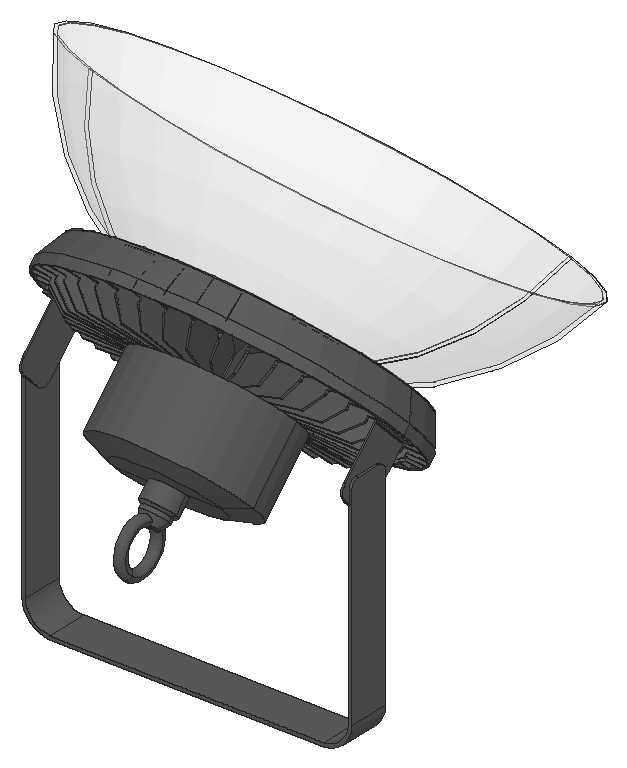
Revit family "0039363+0039354+0039358 Sylvania Lighting Fixture START HighBay IP65 DALI 19000lm 840 MB with BRACKET and PC LAMPSHADE TRANSPARENT 13 19KLM", category Lighting Fixtures, host Face, Revit 2016
Family settings
  Host = Face
  Part Type = Normal
  Round Connector Dimension = Use Diameter
  OmniClass Number = 23.80.70.00
  OmniClass Title = Lighting
  Cut with Voids When Loaded = No
  Light Source = No
  Shared = No
  Room Calculation Point = No
Parameters (values of type "0039363+0039354+0039358  START HighBay IP65 DALI 19000lm 840 MB with BRACKET and PC LAMPSHADE TRANSPARENT 13/19KLM")
  Weight = "3.4 kg"
  Wattage Comments = ""
  WarrantyStartDate [instance] = "n/a"
  WarrantyGuarantorParts = "n/a"
  WarrantyDurationUnit = "n/a"
  WarrantyDurationParts = "n/a"
  WarrantyDescription = "n/a"
  Voltage = 0 V
  URL = "http://www.sylvania-lighting.com"
  TypeName = "START HighBay IP65 DALI 19000lm 840 MB with BRACKET and PC LAMPSHADE TRANSPARENT 13/19KLM"
  TypeHead_FEILO = Start LED Highbay DALI Head : 0039363+0039354+0039358 START HighBay IP65 DALI 19000lm 840 MB with BRACKET and PC LAMPSHADE TRANSPARENT 13/19KLM
  Type Image = <None>
  Type Comments = "n/a"
  TiltAngle_FEILO [instance] = 45.00°
  ThicknessBracketPlate_FEILO = 3 mm
  SizeBracketS_FEILO = no
  SizeBracketM_FEILO = yes
  SerialNumber [instance] = "n/a"
  RadiusBracketTop_FEILO = 7 mm
  RadiusBendOut_FEILO = if(SizeBracketS_FEILO, 18 mm, if(SizeBracketM_FEILO, 24 mm, 28 mm))  # 24 mm
  RadiusBendIn_FEILO = RadiusBendOut_FEILO - ThicknessBracketPlate_FEILO  # 21 mm
  Material_3_FEILO = none
  PowerFactor = 0.95
  PowerConsumption = "150 W"
  NominalLength = 296 mm
  NominalHeight = 172 mm
  NominalDepth = 296 mm
  Name = "START HighBay IP65 DALI 19000lm 840 MB with BRACKET and PC LAMPSHADE TRANSPARENT 13/19KLM"
  ModelReference = Name  # "START HighBay IP65 DALI 19000lm 840 MB with BRACKET and PC LAMPSHADE TRANSPARENT 13/19KLM"
  ModelNumber = "0039363+0039354+0039358"
  Model = Name  # "START HighBay IP65 DALI 19000lm 840 MB with BRACKET and PC LAMPSHADE TRANSPARENT 13/19KLM"
  Material = "aluminium alloy housing, polycarbonate diffuser"
  ManufacturerName = "Feilo Sylvania"
  Manufacturer = "Feilo Sylvania"
  LuminousEfficacy = "130 lm/W"
  LuminaireType = ""
  LightOutputRatio = "n/a"
  LampsType = Lamp  # "LED"
  LampNominalLuminous = "19500 lm"
  LampMacAdamStep = "6"
  LampColourTemperature = "4000 K"
  LampColourRenderingIndex = "80"
  Lamp = "LED"
  Keynote = "16500"
  InstallationDate [instance] = "n/a"
  InputVoltage = "n/a"
  InputNominalFrequency = "50/60 Hz"
  IngressProtection = "IP65"
  ImpactProtectionIndex = "IK08"
  IfcExportType = "IfcLightFixtureType"
  IfcExportAs = "IfcLightFixtureType"
  ExpectedLife = 50000
  EndAngle_FEILO [instance] = TiltAngle_FEILO + 180.00°  # 225.00°
  ElectricShockClassification = "Class I"
  DurationUnit = "hours"
  DocumentationLiterature = "http://www.sylvania-lighting.com/product/en-int/products/0039363"
  DimmingControlOptions = "Dimmable"
  Material_2_FEILO = none
  Description = "START Highbay, includes 1 m cables, black aluminium housing, 19,500 Lm, 150 W, 130 Lm/W, 4000 K, drive current: 3300 mA, CRI 80, 60° beam angle, DALI dimmable, IP65, IK08, 50,000 hrs (L80/B50), (D x H) 296 x 172 mm."
  Default Elevation = 1219.2 mm
  CreatedOn = "5/15/2018"
  CreatedBy = "aron.fodor@sylvania-lighting.com"
  Cost = 0
  built-in parameter 1114216 [instance] = (empty or 0)
  ClassificationValue = "EF_70_80"
  ClassificationName = "Uniclass2015"
  Material_1_FEILO = Body-Sylvania-StartHighbay-Black
  BracketHeight_FEILO = if(SizeBracketS_FEILO, 199.5 mm, if(SizeBracketM_FEILO, 209.6 mm, 201.3 mm))  # 209.6 mm
  BracketDistanceInner_FEILO = if(SizeBracketS_FEILO, 249.4 mm, if(SizeBracketM_FEILO, 273.6 mm, 313.2 mm))  # 273.6 mm
  BarCode [instance] = "n/a"
  AssetType = "Fixed"
  AssetIdentifier [instance] = "n/a"
  Assembly Code = "D5020200"
  Apparent Load = 150 VA
  Material_4_FEILO = none
Reference planes
  plane 1 "Center (Front/Back)": y = 0
  plane 2: z = 0
  plane 3 "Center (Left/Right)": x = 0
  plane 4: x = -139.8
  plane 5: x = 139.8
  plane 6: z = 209.6
  plane 7: x = -136.8
  plane 8: z = 3
  plane 9: x = 136.8
  plane 10: y = 17.5
  plane 11: y = -17.5
  plane 12: y = -19.5
  plane 13: z = 211.6
  plane 14: y = 19.5
  plane 15: z = 200.6
Forms (mm)
  Extrusion 1, solid, material "Body-Sylvania-StartHighbay-Black" <- "Material_1_FEILO"
    sketch origin (0, 0, 0) x (1, 0, 0) y (0, 0, 1)
      loop
        line (-139.8, 209.6) -> (-139.8, 24)
        arc (-139.8, 24) -> (-132.771, 7.029) -> (-115.8, 0) r 24
        line (-115.8, 0) -> (115.8, 0)
        arc (115.8, 0) -> (132.771, 7.029) -> (139.8, 24) r 24
        line (139.8, 24) -> (139.8, 209.6) -> (136.8, 209.6) -> (136.8, 24)
        arc (136.8, 24) -> (130.649, 9.151) -> (115.8, 3) r 21
        line (115.8, 3) -> (-115.8, 3)
        arc (-115.8, 3) -> (-130.649, 9.151) -> (-136.8, 24) r 21
        line (-136.8, 24) -> (-136.8, 209.6) -> (-139.8, 209.6)
    from -17.5 to 17.5
  Extrusion 2, void
    sketch origin (0, 0, 0) x (0, 1, 0) y (0, 0, 1)
      loop
        arc (10.5, 209.6) -> (15.45, 207.55) -> (17.5, 202.6) r 7
        line (17.5, 202.6) -> (19.5, 202.6) -> (19.5, 211.6) -> (-19.5, 211.6) -> (-19.5, 202.6) -> (-17.5, 202.6)
        arc (-17.5, 202.6) -> (-15.45, 207.55) -> (-10.5, 209.6) r 7
        line (-10.5, 209.6) -> (10.5, 209.6)
    from -139.8 to 139.8
  Revolve 3, solid, not visible
    sketch origin (1223.4, -4572, 200.6) x (0, -1, 0) y (1, 0, 0)
      loop
        line (-4572, -1223.4) -> (-4591.5, -1223.4) -> (-4591.5, -1277.783) -> (-4572, -1277.783) -> (-4572, -1223.4)
      axis (-4572, -1223.4) -> (-4572, -1277.783)
    angle from 45 <- "TiltAngle_FEILO" to 225 <- "EndAngle_FEILO"
Cuts and joins
  Extrusion 2 cuts Extrusion 1
Dimensions and locks
  "BracketHeight_FEILO": plane 6 to plane 2
  equal spacing: plane 11, plane 1 "Center (Front/Back)", plane 10
  locked: plane 11 to plane 10 at 35
  equal spacing: plane 9, plane 3 "Center (Left/Right)", plane 7
  "BracketDistanceInner_FEILO": plane 9 to plane 7
  "ThicknessBracketPlate_FEILO": plane 7 to plane 4
  "ThicknessBracketPlate_FEILO": plane 8 to plane 2
  equal spacing: plane 5, plane 3 "Center (Left/Right)", plane 4
  equal spacing: plane 12, plane 1 "Center (Front/Back)", plane 14
  locked: plane 6 to plane 13 at 2
  locked: plane 12 to plane 11 at 2
  locked: plane 6 to plane 15 at 9
  "RadiusBendOut_FEILO": radius of Extrusion 1 sketch curve  (x2)
  "RadiusBendIn_FEILO": radius of Extrusion 1 sketch curve  (x2)
  "RadiusBracketTop_FEILO": radius of Extrusion 2 sketch curve  (x2)
  aligned and locked: plane 2 to host face
  aligned and locked: level to host face
  aligned and locked: Extrusion 1 sketch curve to plane 4
  aligned and locked: Extrusion 1 sketch curve to level
  aligned and locked: plane 6 to Extrusion 1 sketch curve
  aligned and locked: Extrusion 1 sketch curve to plane 6
  aligned and locked: Extrusion 1 sketch curve to plane 7
  aligned and locked: plane 9 to Extrusion 1 sketch curve
  aligned and locked: plane 8 to Extrusion 1 sketch curve
  aligned and locked: Extrusion 1 to plane 10
  aligned and locked: plane 11 to Extrusion 1
  aligned and locked: Extrusion 1 to Extrusion 2 sketch curve
  aligned and locked: plane 14 to Extrusion 2 sketch curve  (x2)
  aligned and locked: Extrusion 2 sketch curve to plane 12
  aligned and locked: plane 13 to Extrusion 2 sketch curve
  aligned and locked: plane 5 to Extrusion 2
  aligned and locked: Extrusion 2 to plane 4
  aligned and locked: Revolve 3 sketch curve to plane 1 "Center (Front/Back)"
  aligned and locked: Revolve 3 sketch curve to Revolve 3 sketch curve
  aligned and locked: plane 3 "Center (Left/Right)" to Revolve 3 sketch curve
  aligned and locked: Revolve 3 sketch curve to plane 14
  aligned and locked: nested 1 to plane 3 "Center (Left/Right)"
Automatic sketch dimensions
  host sketch curve to host sketch curve = 2438.4 mm  (x2)
  Revolve 3 sketch curve to Revolve 3 sketch curve = 54.383 mm
  Revolve 3 sketch curve to plane 4 = 1396.3 mm
  plane 5 to Revolve 3 sketch curve = 1396.3 mm
  Extrusion 1 sketch curve to Extrusion 1 sketch curve = 0 mm
  Extrusion 2 sketch curve to plane 11 = 0 mm
  Extrusion 2 sketch curve to plane 10 = 0 mm
Nested families
  nested 1: "Start LED Highbay DALI Head" at (0, 0, 200.6) x (-1, 0, 0) z (0, 0.7071, 0.7071), type <- "TypeHead_FEILO", type "0039363+0039354+0039358 START HighBay IP65 DALI 19000lm 840 MB with BRACKET and PC LAMPSHADE TRANSPARENT 13/19KLM"
    with built-in parameter 1114216 (empty or 0)
Connectors
  electrical at (0, 0, 0), driven by "Apparent Load", driven by "PowerFactor", driven by "Voltage"
    settings: index 1, voltage 0 V, apparent load 150 VA, apparent load phase1 0 VA, apparent load phase2 0 VA, apparent load phase3 0 VA, power factor 0.95, load classification "Lighting", number of poles 1, system type 30, power factor state 1, is connector primary yes, connector utility no, sub classification motor no, connector description ""
Definition of nested family "Start LED Highbay DALI Head"
  Parameters (values of type "0039367+0039355+0039361 START HighBay IP65 DALI 26000lm 840 WB with BRACKET and PC LAMPSHADE TRANSPARENT FOR 26KLM")
    X_FEILO = if(SizeS_FEILO, 60.3 mm, if(SizeM_FEILO, 70.4 mm, 83.5 mm))  # 83.5 mm
    WidthStraight_FEILO = if(SizeS_FEILO, 3 mm, if(SizeM_FEILO, 4 mm, 4.7 mm))  # 4.7 mm
    WidthRingChamfer_FEILO = if(SizeS_FEILO, 10.3 mm, if(SizeM_FEILO, 11.2 mm, 12.9 mm))  # 12.9 mm
    WidthCurved_FEILO = if(SizeS_FEILO, 17.4 mm, if(SizeM_FEILO, 16.4 mm, 26.2 mm))  # 26.2 mm
    WidthCurvedRing_FEILO = if(SizeS_FEILO, 3 mm, if(SizeM_FEILO, 4 mm, 4.7 mm))  # 4.7 mm
    WidthBracket_FEILO = 40 mm
    Wattage Comments = ""
    Wattage = 190 W
    built-in parameter 1150110 = 1 (stored number, unit not read)
    URL = "http://www.sylvania-lighting.com"
    Type Image = (empty or 0)
    Type Comments = "n/a"
    built-in parameter 1114217 = 1 (stored number, unit not read)
    Tilt Angle = -90.00°
    ThicknessWall_FEILO = 1.5 mm
    ThicknessBracket_FEILO = 1.5 mm
    ThicknessBracketHalf_FEILO = ThicknessBracket_FEILO / 2  # 0.75 mm
    built-in parameter 1150109 = 1 (stored number, unit not read)
    built-in parameter 1150134 = 1
    built-in parameter 1150113 = 1 (stored number, unit not read)
    SizeS_FEILO = no
    SizeM_FEILO = no
    ShadeThickness_FEILO = 3 mm
    ShadeSizeSM_FEILO = or(SizeS_FEILO, SizeM_FEILO)  # no
    ShadeRadiusOut_FEILO = 205 mm
    ShadeRadiusIn_FEILO = if(ShadeSizeSM_FEILO, 95 mm, 121 mm)  # 121 mm
    ShadeRadiusBend_FEILO = if(ShadeSizeSM_FEILO, 210 mm, 210 mm)  # 210 mm
    ShadeOn_FEILO = yes
    ShadeHeight_FEILO = if(ShadeSizeSM_FEILO, 120 mm, 151 mm)  # 151 mm
    Rib4_FEILO = if(SizeS_FEILO, 18.1 mm, if(SizeM_FEILO, 13.6 mm, 14.6 mm))  # 14.6 mm
    Rib3_FEILO = if(SizeS_FEILO, 15.3 mm, if(SizeM_FEILO, 17.6 mm, 20.2 mm))  # 20.2 mm
    Rib2_FEILO = if(SizeS_FEILO, 3.6 mm, if(SizeM_FEILO, 3.9 mm, 4.5 mm))  # 4.5 mm
    Rib1_FEILO = if(SizeS_FEILO, 15.1 mm, if(SizeM_FEILO, 16.5 mm, 19 mm))  # 19 mm
    RadiusDiffuser_FEILO = if(SizeS_FEILO, 95.2 mm, if(SizeM_FEILO, 105.3 mm, 120 mm))  # 120 mm
    RadiusArrayPost_FEILO = DriverRadius_FEILO - 6 mm  # 70.4 mm
    RHRadius3_FEILO = if(SizeS_FEILO, 6.6 mm, if(SizeM_FEILO, 7.4 mm, 8.6 mm))  # 8.6 mm
    RHRadius2_FEILO = if(SizeS_FEILO, 11 mm, if(SizeM_FEILO, 12 mm, 14 mm))  # 14 mm
    RHRadius1_FEILO = if(SizeS_FEILO, 13.6 mm, if(SizeM_FEILO, 14.9 mm, 17.7 mm))  # 17.7 mm
    RHHeight4_FEILO = if(SizeS_FEILO, 7.3 mm, if(SizeM_FEILO, 8 mm, 9.2 mm))  # 9.2 mm
    RHHeight3_FEILO = if(SizeS_FEILO, 3.6 mm, if(SizeM_FEILO, 3.7 mm, 4.6 mm))  # 4.6 mm
    RHHeight2_FEILO = if(SizeS_FEILO, 2 mm, if(SizeM_FEILO, 2.2 mm, 2.6 mm))  # 2.6 mm
    RHHeight1_FEILO = if(SizeS_FEILO, 11.8 mm, if(SizeM_FEILO, 15.3 mm, 17.4 mm))  # 17.4 mm
    Photometric Web File = "0039367+0039361.ies"
    Material_5_FEILO = none
    Material_3_FEILO = none
    Model = "START HighBay IP65 DALI 26000lm 840 WB with BRACKET and PC LAMPSHADE TRANSPARENT FOR 26KLM"
    Manufacturer = "Feilo Sylvania"
    built-in parameter 1150105 = 33385.3 (stored number, unit not read)
    Lumens = 24700 lm
    built-in parameter 1150115 = 1 (stored number, unit not read)
    built-in parameter 1150137 = (empty or 0)
    built-in parameter 1150139 = (empty or 0)
    built-in parameter 1150112 = 1 (stored number, unit not read)
    built-in parameter 1150114 = 1 (stored number, unit not read)
    Lamp = "LED"
    Keynote = "16500"
    built-in parameter 1150132 = (empty or 0)
    built-in parameter 1150102 = (empty or 0)
    built-in parameter 1150107 = 6500 (stored number, unit not read)
    built-in parameter 1150138 = (empty or 0)
    built-in parameter 1150106 = 333.85 (stored number, unit not read)
    HeightRing_FEILO = if(SizeS_FEILO, 19.8 mm, if(SizeM_FEILO, 32 mm, 36.8 mm))  # 36.8 mm
    HeightRingChamfer_FEILO = if(SizeS_FEILO, 11.7 mm, if(SizeM_FEILO, 23.2 mm, 26.6 mm))  # 26.6 mm
    EyeThickness_FEILO = if(SizeS_FEILO, 8.4 mm, if(SizeM_FEILO, 9.2 mm, 10.5 mm))  # 10.5 mm
    EyeThicknessHalf_FEILO = EyeThickness_FEILO / 2  # 5.25 mm
    EyeInner_FEILO = if(SizeS_FEILO, 13.8 mm, if(SizeM_FEILO, 15.1 mm, 17.3 mm))  # 17.3 mm
    Emit from Circle Diameter = RadiusDiffuser_FEILO * 2  # 240 mm
    Emit Shape Visible in Rendering = no
    built-in parameter 1150104 = 12.077 (stored number, unit not read)
    DriverVerticalStraight_FEILO = if(SizeS_FEILO, 46.5 mm, if(SizeM_FEILO, 49.7 mm, 57 mm))  # 57 mm
    DriverVerticalChamfer_FEILO = if(SizeS_FEILO, 7.5 mm, if(SizeM_FEILO, 8.2 mm, 9.5 mm))  # 9.5 mm
    DriverRadius_FEILO = if(SizeS_FEILO, 61.4 mm, if(SizeM_FEILO, 67.2 mm, 76.4 mm))  # 76.4 mm
    DriverRadiusTop_FEILO = if(SizeS_FEILO, 42 mm, if(SizeM_FEILO, 45.3 mm, 52.4 mm))  # 52.4 mm
    DriverBottom_FEILO = if(SizeS_FEILO, 56 mm, if(SizeM_FEILO, 64.5 mm, 74 mm))  # 74 mm
    Material_2_FEILO = none
    Radius_FEILO = if(SizeS_FEILO, 135 mm, if(SizeM_FEILO, 148 mm, 169.5 mm))  # 169.5 mm
    Dimming Lamp Color Temperature Shift = (empty or 0)
    DiameterWire_FEILO = 3 mm
    DiameterWireSupport_FEILO = 10 mm
    Description = "START Highbay, includes 1 m cables, black aluminium housing, 24,700 Lm, 190 W, 130 Lm/W, 6500 K, drive current: 4100 mA, CRI 80, 90° beam angle, DALI dimmable, IP65, IK08, 50,000 hrs (L80/B50), (D x H) 339 x 189 mm."
    Default Elevation = 1219.2 mm
    Cost = 0
    Color Filter = 16777215
    built-in parameter 1114216 [instance] = (empty or 0)
    Material_1_FEILO = none
    built-in parameter 1114218 = 1 (stored number, unit not read)
    built-in parameter 1150133 = 10 (stored number, unit not read)
    Assembly Code = "D5020200"
    Apparent Load = 190 VA
    Material_4_FEILO = none
  Types (24, lengths in mm): name | X_FEILO | WidthStraight_FEILO | WidthRingChamfer_FEILO | WidthCurved_FEILO | WidthCurvedRing_FEILO | Wattage | built-in parameter 1150134 | SizeS_FEILO | SizeM_FEILO | ShadeSizeSM_FEILO | ShadeRadiusIn_FEILO | ShadeOn_FEILO | ShadeHeight_FEILO | Rib4_FEILO | Rib3_FEILO | Rib2_FEILO | Rib1_FEILO | RadiusDiffuser_FEILO | RadiusArrayPost_FEILO | RHRadius3_FEILO | RHRadius2_FEILO | RHRadius1_FEILO | RHHeight4_FEILO | RHHeight3_FEILO | RHHeight2_FEILO | RHHeight1_FEILO | Photometric Web File | Model | built-in parameter 1150105 | Lumens | built-in parameter 1150107 | built-in parameter 1150106 | HeightRing_FEILO | HeightRingChamfer_FEILO | EyeThickness_FEILO | EyeThicknessHalf_FEILO | EyeInner_FEILO | Emit from Circle Diameter | DriverVerticalStraight_FEILO | DriverVerticalChamfer_FEILO | DriverRadius_FEILO | DriverRadiusTop_FEILO | DriverBottom_FEILO | Radius_FEILO | Description | Apparent Load
    0039367+0039355+0039361 START HighBay IP65 DALI 26000lm 840 WB with BRACKET and PC LAMPSHADE TRANSPARENT FOR 26KLM | 83.5 | 4.7 | 12.9 | 26.2 | 4.7 | 190 W | 1 | no | no | no | 121 | yes | 151 | 14.6 | 20.2 | 4.5 | 19 | 120 | 70.4 | 8.6 | 14 | 17.7 | 9.2 | 4.6 | 2.6 | 17.4 | "0039367+0039361.ies" | "START HighBay IP65 DALI 26000lm 840 WB with BRACKET and PC LAMPSHADE TRANSPARENT FOR 26KLM" | 33385.3 (stored number, unit not read) | 24700 lm | 6500 (stored number, unit not read) | 333.85 (stored number, unit not read) | 36.8 | 26.6 | 10.5 | 5.25 | 17.3 | 240 | 57 | 9.5 | 76.4 | 52.4 | 74 | 169.5 | "START Highbay, includes 1 m cables, black aluminium housing, 24,700 Lm, 190 W, 130 Lm/W, 6500 K, drive current: 4100 mA, CRI 80, 90° beam angle, DALI dimmable, IP65, IK08, 50,000 hrs (L80/B50), (D x H) 339 x 189 mm." | 190 VA
    0039367+0039355+0039360 START HighBay IP65 DALI 26000lm 840 WB with BRACKET and ALU SHADE BLACK COLOR FOR 26KLM | 83.5 | 4.7 | 12.9 | 26.2 | 4.7 | 190 W | 1 | no | no | no | 121 | yes | 151 | 14.6 | 20.2 | 4.5 | 19 | 120 | 70.4 | 8.6 | 14 | 17.7 | 9.2 | 4.6 | 2.6 | 17.4 | "0039367+0039360.ies" | "START HighBay IP65 DALI 26000lm 840 WB with BRACKET and ALU SHADE BLACK COLOR FOR 26KLM" | 33569.2 (stored number, unit not read) | 24700 lm | 6500 (stored number, unit not read) | 335.69 (stored number, unit not read) | 36.8 | 26.6 | 10.5 | 5.25 | 17.3 | 240 | 57 | 9.5 | 76.4 | 52.4 | 74 | 169.5 | "START Highbay, includes 1 m cables, black aluminium housing, 24,700 Lm, 190 W, 130 Lm/W, 6500 K, drive current: 4100 mA, CRI 80, 90° beam angle, DALI dimmable, IP65, IK08, 50,000 hrs (L80/B50), (D x H) 339 x 189 mm." | 190 VA
    0039367+0039355+0039359 START HighBay IP65 DALI 26000lm 840 WB with BRACKET and ALU SHADE ALU COLOR FOR 26KLM | 83.5 | 4.7 | 12.9 | 26.2 | 4.7 | 190 W | 1 | no | no | no | 121 | yes | 151 | 14.6 | 20.2 | 4.5 | 19 | 120 | 70.4 | 8.6 | 14 | 17.7 | 9.2 | 4.6 | 2.6 | 17.4 | "0039367+0039359.ies" | "START HighBay IP65 DALI 26000lm 840 WB with BRACKET and ALU SHADE ALU COLOR FOR 26KLM" | 33569.2 (stored number, unit not read) | 24700 lm | 6500 (stored number, unit not read) | 335.69 (stored number, unit not read) | 36.8 | 26.6 | 10.5 | 5.25 | 17.3 | 240 | 57 | 9.5 | 76.4 | 52.4 | 74 | 169.5 | "START Highbay, includes 1 m cables, black aluminium housing, 24,700 Lm, 190 W, 130 Lm/W, 6500 K, drive current: 4100 mA, CRI 80, 90° beam angle, DALI dimmable, IP65, IK08, 50,000 hrs (L80/B50), (D x H) 339 x 189 mm." | 190 VA
    0039367+0039355 START HighBay IP65 DALI 26000lm 840 WB with BRACKET | 83.5 | 4.7 | 12.9 | 26.2 | 4.7 | 190 W | 1 | no | no | no | 121 | no | 151 | 14.6 | 20.2 | 4.5 | 19 | 120 | 70.4 | 8.6 | 14 | 17.7 | 9.2 | 4.6 | 2.6 | 17.4 | "0039367.ies" | "START HighBay IP65 DALI 26000lm 840 WB with BRACKET" | 13532 (stored number, unit not read) | 24700 lm | 6500 (stored number, unit not read) | 135.32 (stored number, unit not read) | 36.8 | 26.6 | 10.5 | 5.25 | 17.3 | 240 | 57 | 9.5 | 76.4 | 52.4 | 74 | 169.5 | "START Highbay, includes 1 m cables, black aluminium housing, 24,700 Lm, 190 W, 130 Lm/W, 6500 K, drive current: 4100 mA, CRI 80, 90° beam angle, DALI dimmable, IP65, IK08, 50,000 hrs (L80/B50), (D x H) 339 x 189 mm." | 190 VA
    0039366+0039354+0039358 START HighBay IP65 DALI 19000lm 840 WB with BRACKET and PC LAMPSHADE TRANSPARENT 13/19KLM | 70.4 | 4 | 11.2 | 16.4 | 4 | 150 W | 1 | no | yes | yes | 95 | yes | 120 | 13.6 | 17.6 | 3.9 | 16.5 | 105.3 | 61.2 | 7.4 | 12 | 14.9 | 8 | 3.7 | 2.2 | 15.3 | "0039366+0039358.ies" | "START HighBay IP65 DALI 19000lm 840 WB with BRACKET and PC LAMPSHADE TRANSPARENT 13/19KLM" | 26356.9 (stored number, unit not read) | 19500 lm | 6500 (stored number, unit not read) | 263.57 (stored number, unit not read) | 32 | 23.2 | 9.2 | 4.6 | 15.1 | 210.6 | 49.7 | 8.2 | 67.2 | 45.3 | 64.5 | 148 | "START Highbay, includes 1 m cables, black aluminium housing, 19,500 Lm, 150 W, 130 Lm/W, 6500 K, drive current: 3300 mA, CRI 80, 90° beam angle, DALI dimmable, IP65, IK08, 50,000 hrs (L80/B50), (D x H) 296 x 172 mm." | 150 VA
    0039366+0039354+0039357 START HighBay IP65 DALI 19000lm 840 WB with BRACKET and ALU SHADE BLACK COLOR FOR 13/19KLM | 70.4 | 4 | 11.2 | 16.4 | 4 | 150 W | 1 | no | yes | yes | 95 | yes | 120 | 13.6 | 17.6 | 3.9 | 16.5 | 105.3 | 61.2 | 7.4 | 12 | 14.9 | 8 | 3.7 | 2.2 | 15.3 | "0039366+0039357.ies" | "START HighBay IP65 DALI 19000lm 840 WB with BRACKET and ALU SHADE BLACK COLOR FOR 13/19KLM" | 26502 (stored number, unit not read) | 19500 lm | 6500 (stored number, unit not read) | 265.02 (stored number, unit not read) | 32 | 23.2 | 9.2 | 4.6 | 15.1 | 210.6 | 49.7 | 8.2 | 67.2 | 45.3 | 64.5 | 148 | "START Highbay, includes 1 m cables, black aluminium housing, 19,500 Lm, 150 W, 130 Lm/W, 6500 K, drive current: 3300 mA, CRI 80, 90° beam angle, DALI dimmable, IP65, IK08, 50,000 hrs (L80/B50), (D x H) 296 x 172 mm." | 150 VA
    0039366+0039354+0039356 START HighBay IP65 DALI 19000lm 840 WB with BRACKET and ALU SHADE ALU COLOR FOR 13/19KLM | 70.4 | 4 | 11.2 | 16.4 | 4 | 150 W | 1 | no | yes | yes | 95 | yes | 120 | 13.6 | 17.6 | 3.9 | 16.5 | 105.3 | 61.2 | 7.4 | 12 | 14.9 | 8 | 3.7 | 2.2 | 15.3 | "0039366+0039356.ies" | "START HighBay IP65 DALI 19000lm 840 WB with BRACKET and ALU SHADE ALU COLOR FOR 13/19KLM" | 26502 (stored number, unit not read) | 19500 lm | 6500 (stored number, unit not read) | 265.02 (stored number, unit not read) | 32 | 23.2 | 9.2 | 4.6 | 15.1 | 210.6 | 49.7 | 8.2 | 67.2 | 45.3 | 64.5 | 148 | "START Highbay, includes 1 m cables, black aluminium housing, 19,500 Lm, 150 W, 130 Lm/W, 6500 K, drive current: 3300 mA, CRI 80, 90° beam angle, DALI dimmable, IP65, IK08, 50,000 hrs (L80/B50), (D x H) 296 x 172 mm." | 150 VA
    0039366+0039354 START HighBay IP65 DALI 19000lm 840 WB with BRACKET | 70.4 | 4 | 11.2 | 16.4 | 4 | 150 W | 1 | no | yes | yes | 95 | no | 120 | 13.6 | 17.6 | 3.9 | 16.5 | 105.3 | 61.2 | 7.4 | 12 | 14.9 | 8 | 3.7 | 2.2 | 15.3 | "0039366.ies" | "START HighBay IP65 DALI 19000lm 840 WB with BRACKET" | 10981.5 (stored number, unit not read) | 19500 lm | 6500 (stored number, unit not read) | 109.82 (stored number, unit not read) | 32 | 23.2 | 9.2 | 4.6 | 15.1 | 210.6 | 49.7 | 8.2 | 67.2 | 45.3 | 64.5 | 148 | "START Highbay, includes 1 m cables, black aluminium housing, 19,500 Lm, 150 W, 130 Lm/W, 6500 K, drive current: 3300 mA, CRI 80, 90° beam angle, DALI dimmable, IP65, IK08, 50,000 hrs (L80/B50), (D x H) 296 x 172 mm." | 150 VA
    0039365+0039353+0039358 START HighBay IP65 DALI 13000lm 840 WB with BRACKET and PC LAMPSHADE TRANSPARENT 13/19KLM | 60.3 | 3 | 10.3 | 17.4 | 3 | 90 W | 1 | yes | no | yes | 95 | yes | 120 | 18.1 | 15.3 | 3.6 | 15.1 | 95.2 | 55.4 | 6.6 | 11 | 13.6 | 7.3 | 3.6 | 2 | 11.8 | "0039365+0039358.ies" | "START HighBay IP65 DALI 13000lm 840 WB with BRACKET and PC LAMPSHADE TRANSPARENT 13/19KLM" | 15814.1 (stored number, unit not read) | 11700 lm | 6500 (stored number, unit not read) | 158.14 (stored number, unit not read) | 19.8 | 11.7 | 8.4 | 4.2 | 13.8 | 190.4 | 46.5 | 7.5 | 61.4 | 42 | 56 | 135 | "START Highbay, includes 1 m cables, black aluminium housing, 11,700 Lm, 90 W, 130 Lm/W, 6500 K, drive current: 2000 mA, CRI 80, 90° beam angle, DALI dimmable, IP65, IK08, 50,000 hrs (L80/B50), (D x H) 270 x 175 mm." | 90 VA
    0039365+0039353+0039357 START HighBay IP65 DALI 13000lm 840 WB with BRACKET and ALU SHADE BLACK COLOR FOR 13/19KLM | 60.3 | 3 | 10.3 | 17.4 | 3 | 90 W | 1 | yes | no | yes | 95 | yes | 120 | 18.1 | 15.3 | 3.6 | 15.1 | 95.2 | 55.4 | 6.6 | 11 | 13.6 | 7.3 | 3.6 | 2 | 11.8 | "0039365+0039357.ies" | "START HighBay IP65 DALI 13000lm 840 WB with BRACKET and ALU SHADE BLACK COLOR FOR 13/19KLM" | 15901.2 (stored number, unit not read) | 11700 lm | 6500 (stored number, unit not read) | 159.01 (stored number, unit not read) | 19.8 | 11.7 | 8.4 | 4.2 | 13.8 | 190.4 | 46.5 | 7.5 | 61.4 | 42 | 56 | 135 | "START Highbay, includes 1 m cables, black aluminium housing, 11,700 Lm, 90 W, 130 Lm/W, 6500 K, drive current: 2000 mA, CRI 80, 90° beam angle, DALI dimmable, IP65, IK08, 50,000 hrs (L80/B50), (D x H) 270 x 175 mm." | 90 VA
    0039365+0039353+0039356 START HighBay IP65 DALI 13000lm 840 WB with BRACKET and ALU SHADE ALU COLOR FOR 13/19KLM | 60.3 | 3 | 10.3 | 17.4 | 3 | 90 W | 1 | yes | no | yes | 95 | yes | 120 | 18.1 | 15.3 | 3.6 | 15.1 | 95.2 | 55.4 | 6.6 | 11 | 13.6 | 7.3 | 3.6 | 2 | 11.8 | "0039365+0039356.ies" | "START HighBay IP65 DALI 13000lm 840 WB with BRACKET and ALU SHADE ALU COLOR FOR 13/19KLM" | 15901.2 (stored number, unit not read) | 11700 lm | 6500 (stored number, unit not read) | 159.01 (stored number, unit not read) | 19.8 | 11.7 | 8.4 | 4.2 | 13.8 | 190.4 | 46.5 | 7.5 | 61.4 | 42 | 56 | 135 | "START Highbay, includes 1 m cables, black aluminium housing, 11,700 Lm, 90 W, 130 Lm/W, 6500 K, drive current: 2000 mA, CRI 80, 90° beam angle, DALI dimmable, IP65, IK08, 50,000 hrs (L80/B50), (D x H) 270 x 175 mm." | 90 VA
    0039365+0039353 START HighBay IP65 DALI 13000lm 840 WB with BRACKET | 60.3 | 3 | 10.3 | 17.4 | 3 | 90 W | 1 | yes | no | yes | 95 | no | 120 | 18.1 | 15.3 | 3.6 | 15.1 | 95.2 | 55.4 | 6.6 | 11 | 13.6 | 7.3 | 3.6 | 2 | 11.8 | "0039365.ies" | "START HighBay IP65 DALI 13000lm 840 WB with BRACKET" | 6365.5 (stored number, unit not read) | 11700 lm | 6500 (stored number, unit not read) | 63.655 (stored number, unit not read) | 19.8 | 11.7 | 8.4 | 4.2 | 13.8 | 190.4 | 46.5 | 7.5 | 61.4 | 42 | 56 | 135 | "START Highbay, includes 1 m cables, black aluminium housing, 11,700 Lm, 90 W, 130 Lm/W, 6500 K, drive current: 2000 mA, CRI 80, 90° beam angle, DALI dimmable, IP65, IK08, 50,000 hrs (L80/B50), (D x H) 270 x 175 mm." | 90 VA
    0039364+0039355+0039361 START HighBay IP65 DALI 26000lm 840 MB with BRACKET and PC LAMPSHADE TRANSPARENT FOR 26KLM | 83.5 | 4.7 | 12.9 | 26.2 | 4.7 | 190 W | 12 | no | no | no | 121 | yes | 151 | 14.6 | 20.2 | 4.5 | 19 | 120 | 70.4 | 8.6 | 14 | 17.7 | 9.2 | 4.6 | 2.6 | 17.4 | "0039364+0039361.ies" | "START HighBay IP65 DALI 26000lm 840 MB with BRACKET and PC LAMPSHADE TRANSPARENT FOR 26KLM" | 33385.3 (stored number, unit not read) | 24700 lm | 4000 (stored number, unit not read) | 333.85 (stored number, unit not read) | 36.8 | 26.6 | 10.5 | 5.25 | 17.3 | 240 | 57 | 9.5 | 76.4 | 52.4 | 74 | 169.5 | "START Highbay, includes 1 m cables, black aluminium housing, 24,700 Lm, 190 W, 130 Lm/W, 4000 K, drive current: 4100 mA, CRI 80, 60° beam angle, DALI dimmable, IP65, IK08, 50,000 hrs (L80/B50), (D x H) 339 x 189 mm." | 190 VA
    0039364+0039355+0039360 START HighBay IP65 DALI 26000lm 840 MB with BRACKET and ALU SHADE BLACK COLOR FOR 26KLM | 83.5 | 4.7 | 12.9 | 26.2 | 4.7 | 190 W | 12 | no | no | no | 121 | yes | 151 | 14.6 | 20.2 | 4.5 | 19 | 120 | 70.4 | 8.6 | 14 | 17.7 | 9.2 | 4.6 | 2.6 | 17.4 | "0039364+0039360.ies" | "START HighBay IP65 DALI 26000lm 840 MB with BRACKET and ALU SHADE BLACK COLOR FOR 26KLM" | 33569.2 (stored number, unit not read) | 24700 lm | 4000 (stored number, unit not read) | 335.69 (stored number, unit not read) | 36.8 | 26.6 | 10.5 | 5.25 | 17.3 | 240 | 57 | 9.5 | 76.4 | 52.4 | 74 | 169.5 | "START Highbay, includes 1 m cables, black aluminium housing, 24,700 Lm, 190 W, 130 Lm/W, 4000 K, drive current: 4100 mA, CRI 80, 60° beam angle, DALI dimmable, IP65, IK08, 50,000 hrs (L80/B50), (D x H) 339 x 189 mm." | 190 VA
    0039364+0039355+0039359 START HighBay IP65 DALI 26000lm 840 MB with BRACKET and ALU SHADE ALU COLOR FOR 26KLM | 83.5 | 4.7 | 12.9 | 26.2 | 4.7 | 190 W | 12 | no | no | no | 121 | yes | 151 | 14.6 | 20.2 | 4.5 | 19 | 120 | 70.4 | 8.6 | 14 | 17.7 | 9.2 | 4.6 | 2.6 | 17.4 | "0039364+0039359.ies" | "START HighBay IP65 DALI 26000lm 840 MB with BRACKET and ALU SHADE ALU COLOR FOR 26KLM" | 33569.2 (stored number, unit not read) | 24700 lm | 4000 (stored number, unit not read) | 335.69 (stored number, unit not read) | 36.8 | 26.6 | 10.5 | 5.25 | 17.3 | 240 | 57 | 9.5 | 76.4 | 52.4 | 74 | 169.5 | "START Highbay, includes 1 m cables, black aluminium housing, 24,700 Lm, 190 W, 130 Lm/W, 4000 K, drive current: 4100 mA, CRI 80, 60° beam angle, DALI dimmable, IP65, IK08, 50,000 hrs (L80/B50), (D x H) 339 x 189 mm." | 190 VA
    0039364+0039355 START HighBay IP65 DALI 26000lm 840 MB with BRACKET | 83.5 | 4.7 | 12.9 | 26.2 | 4.7 | 190 W | 12 | no | no | no | 121 | no | 151 | 14.6 | 20.2 | 4.5 | 19 | 120 | 70.4 | 8.6 | 14 | 17.7 | 9.2 | 4.6 | 2.6 | 17.4 | "0039364.ies" | "START HighBay IP65 DALI 26000lm 840 MB with BRACKET" | 26901.8 (stored number, unit not read) | 24700 lm | 4000 (stored number, unit not read) | 269.02 (stored number, unit not read) | 36.8 | 26.6 | 10.5 | 5.25 | 17.3 | 240 | 57 | 9.5 | 76.4 | 52.4 | 74 | 169.5 | "START Highbay, includes 1 m cables, black aluminium housing, 24,700 Lm, 190 W, 130 Lm/W, 4000 K, drive current: 4100 mA, CRI 80, 60° beam angle, DALI dimmable, IP65, IK08, 50,000 hrs (L80/B50), (D x H) 339 x 189 mm." | 190 VA
    0039363+0039354+0039358 START HighBay IP65 DALI 19000lm 840 MB with BRACKET and PC LAMPSHADE TRANSPARENT 13/19KLM | 70.4 | 4 | 11.2 | 16.4 | 4 | 150 W | 12 | no | yes | yes | 95 | yes | 120 | 13.6 | 17.6 | 3.9 | 16.5 | 105.3 | 61.2 | 7.4 | 12 | 14.9 | 8 | 3.7 | 2.2 | 15.3 | "0039363+0039358.ies" | "START HighBay IP65 DALI 19000lm 840 MB with BRACKET and PC LAMPSHADE TRANSPARENT 13/19KLM" | 26356.9 (stored number, unit not read) | 19500 lm | 4000 (stored number, unit not read) | 263.57 (stored number, unit not read) | 32 | 23.2 | 9.2 | 4.6 | 15.1 | 210.6 | 49.7 | 8.2 | 67.2 | 45.3 | 64.5 | 148 | "START Highbay, includes 1 m cables, black aluminium housing, 19,500 Lm, 150 W, 130 Lm/W, 4000 K, drive current: 3300 mA, CRI 80, 60° beam angle, DALI dimmable, IP65, IK08, 50,000 hrs (L80/B50), (D x H) 296 x 172 mm." | 150 VA
    0039363+0039354+0039357 START HighBay IP65 DALI 19000lm 840 MB with BRACKET and ALU SHADE BLACK COLOR FOR 13/19KLM | 70.4 | 4 | 11.2 | 16.4 | 4 | 150 W | 12 | no | yes | yes | 95 | yes | 120 | 13.6 | 17.6 | 3.9 | 16.5 | 105.3 | 61.2 | 7.4 | 12 | 14.9 | 8 | 3.7 | 2.2 | 15.3 | "0039363+0039357.ies" | "START HighBay IP65 DALI 19000lm 840 MB with BRACKET and ALU SHADE BLACK COLOR FOR 13/19KLM" | 26502 (stored number, unit not read) | 19500 lm | 4000 (stored number, unit not read) | 265.02 (stored number, unit not read) | 32 | 23.2 | 9.2 | 4.6 | 15.1 | 210.6 | 49.7 | 8.2 | 67.2 | 45.3 | 64.5 | 148 | "START Highbay, includes 1 m cables, black aluminium housing, 19,500 Lm, 150 W, 130 Lm/W, 4000 K, drive current: 3300 mA, CRI 80, 60° beam angle, DALI dimmable, IP65, IK08, 50,000 hrs (L80/B50), (D x H) 296 x 172 mm." | 150 VA
    0039363+0039354+0039356 START HighBay IP65 DALI 19000lm 840 MB with BRACKET and ALU SHADE ALU COLOR FOR 13/19KLM | 70.4 | 4 | 11.2 | 16.4 | 4 | 150 W | 12 | no | yes | yes | 95 | yes | 120 | 13.6 | 17.6 | 3.9 | 16.5 | 105.3 | 61.2 | 7.4 | 12 | 14.9 | 8 | 3.7 | 2.2 | 15.3 | "0039363+0039356.ies" | "START HighBay IP65 DALI 19000lm 840 MB with BRACKET and ALU SHADE ALU COLOR FOR 13/19KLM" | 26502 (stored number, unit not read) | 19500 lm | 4000 (stored number, unit not read) | 265.02 (stored number, unit not read) | 32 | 23.2 | 9.2 | 4.6 | 15.1 | 210.6 | 49.7 | 8.2 | 67.2 | 45.3 | 64.5 | 148 | "START Highbay, includes 1 m cables, black aluminium housing, 19,500 Lm, 150 W, 130 Lm/W, 4000 K, drive current: 3300 mA, CRI 80, 60° beam angle, DALI dimmable, IP65, IK08, 50,000 hrs (L80/B50), (D x H) 296 x 172 mm." | 150 VA
    0039363+0039354 START HighBay IP65 DALI 19000lm 840 MB with BRACKET | 70.4 | 4 | 11.2 | 16.4 | 4 | 150 W | 12 | no | yes | yes | 95 | no | 120 | 13.6 | 17.6 | 3.9 | 16.5 | 105.3 | 61.2 | 7.4 | 12 | 14.9 | 8 | 3.7 | 2.2 | 15.3 | "0039363.ies" | "START HighBay IP65 DALI 19000lm 840 MB with BRACKET" | 22125.4 (stored number, unit not read) | 19500 lm | 4000 (stored number, unit not read) | 221.25 (stored number, unit not read) | 32 | 23.2 | 9.2 | 4.6 | 15.1 | 210.6 | 49.7 | 8.2 | 67.2 | 45.3 | 64.5 | 148 | "START Highbay, includes 1 m cables, black aluminium housing, 19,500 Lm, 150 W, 130 Lm/W, 4000 K, drive current: 3300 mA, CRI 80, 60° beam angle, DALI dimmable, IP65, IK08, 50,000 hrs (L80/B50), (D x H) 296 x 172 mm." | 150 VA
    0039362+0039353+0039358 START HighBay IP65 DALI 13000lm 840 MB with BRACKET and PC LAMPSHADE TRANSPARENT 13/19KLM | 60.3 | 3 | 10.3 | 17.4 | 3 | 90 W | 12 | yes | no | yes | 95 | yes | 120 | 18.1 | 15.3 | 3.6 | 15.1 | 95.2 | 55.4 | 6.6 | 11 | 13.6 | 7.3 | 3.6 | 2 | 11.8 | "0039362+0039358.ies" | "START HighBay IP65 DALI 13000lm 840 MB with BRACKET and PC LAMPSHADE TRANSPARENT 13/19KLM" | 15814.1 (stored number, unit not read) | 11700 lm | 4000 (stored number, unit not read) | 158.14 (stored number, unit not read) | 19.8 | 11.7 | 8.4 | 4.2 | 13.8 | 190.4 | 46.5 | 7.5 | 61.4 | 42 | 56 | 135 | "START Highbay, includes 1 m cables, black aluminium housing, 11,700 Lm, 90 W, 130 Lm/W, 4000 K, drive current: 2000 mA, CRI 80, 60° beam angle, DALI dimmable, IP65, IK08, 50,000 hrs (L80/B50), (D x H) 270 x 175 mm." | 90 VA
    0039362+0039353+0039357 START HighBay IP65 DALI 13000lm 840 MB with BRACKET and ALU SHADE BLACK COLOR FOR 13/19KLM | 60.3 | 3 | 10.3 | 17.4 | 3 | 90 W | 12 | yes | no | yes | 95 | yes | 120 | 18.1 | 15.3 | 3.6 | 15.1 | 95.2 | 55.4 | 6.6 | 11 | 13.6 | 7.3 | 3.6 | 2 | 11.8 | "0039362+0039357.ies" | "START HighBay IP65 DALI 13000lm 840 MB with BRACKET and ALU SHADE BLACK COLOR FOR 13/19KLM" | 15901.2 (stored number, unit not read) | 11700 lm | 4000 (stored number, unit not read) | 159.01 (stored number, unit not read) | 19.8 | 11.7 | 8.4 | 4.2 | 13.8 | 190.4 | 46.5 | 7.5 | 61.4 | 42 | 56 | 135 | "START Highbay, includes 1 m cables, black aluminium housing, 11,700 Lm, 90 W, 130 Lm/W, 4000 K, drive current: 2000 mA, CRI 80, 60° beam angle, DALI dimmable, IP65, IK08, 50,000 hrs (L80/B50), (D x H) 270 x 175 mm." | 90 VA
    0039362+0039353+0039356 START HighBay IP65 DALI 13000lm 840 MB with BRACKET and ALU SHADE ALU COLOR FOR 13/19KLM | 60.3 | 3 | 10.3 | 17.4 | 3 | 90 W | 12 | yes | no | yes | 95 | yes | 120 | 18.1 | 15.3 | 3.6 | 15.1 | 95.2 | 55.4 | 6.6 | 11 | 13.6 | 7.3 | 3.6 | 2 | 11.8 | "0039362+0039356.ies" | "START HighBay IP65 DALI 13000lm 840 MB with BRACKET and ALU SHADE ALU COLOR FOR 13/19KLM" | 15901.2 (stored number, unit not read) | 11700 lm | 4000 (stored number, unit not read) | 159.01 (stored number, unit not read) | 19.8 | 11.7 | 8.4 | 4.2 | 13.8 | 190.4 | 46.5 | 7.5 | 61.4 | 42 | 56 | 135 | "START Highbay, includes 1 m cables, black aluminium housing, 11,700 Lm, 90 W, 130 Lm/W, 4000 K, drive current: 2000 mA, CRI 80, 60° beam angle, DALI dimmable, IP65, IK08, 50,000 hrs (L80/B50), (D x H) 270 x 175 mm." | 90 VA
    0039362+0039353 START HighBay IP65 DALI 13000lm 840 MB with BRACKET | 60.3 | 3 | 10.3 | 17.4 | 3 | 90 W | 12 | yes | no | yes | 95 | no | 120 | 18.1 | 15.3 | 3.6 | 15.1 | 95.2 | 55.4 | 6.6 | 11 | 13.6 | 7.3 | 3.6 | 2 | 11.8 | "0039362.ies" | "START HighBay IP65 DALI 13000lm 840 MB with BRACKET" | 13336.9 (stored number, unit not read) | 11700 lm | 4000 (stored number, unit not read) | 133.37 (stored number, unit not read) | 19.8 | 11.7 | 8.4 | 4.2 | 13.8 | 190.4 | 46.5 | 7.5 | 61.4 | 42 | 56 | 135 | "START Highbay, includes 1 m cables, black aluminium housing, 11,700 Lm, 90 W, 130 Lm/W, 4000 K, drive current: 2000 mA, CRI 80, 60° beam angle, DALI dimmable, IP65, IK08, 50,000 hrs (L80/B50), (D x H) 270 x 175 mm." | 90 VA
  Reference planes
    plane 1 "Center (Front/Back)": y = 0
    plane 2: z = 0
    plane 3 "Center (Left/Right)": x = 0
    plane 4: z = 83.5
    plane 5: x = -169.5
    plane 6: x = -156.6
    plane 7: z = 56.9
    plane 8: z = 46.7
    plane 9: x = -151.9
    plane 10: z = 80.875
    plane 11: x = -125.7
    plane 12: x = -120
    plane 13: x = -147.2
    plane 14: z = 81.875
    plane 15: z = 79.875
    plane 16: x = -117
    plane 17: z = 78.875
    plane 18: x = -168
    plane 19: x = -150.5
    plane 20: z = 42.2
    plane 21: x = -130.3
    plane 22: z = 27.6
    plane 23: x = -20
    plane 24: z = 9.5
    plane 25: x = -76.4
    plane 26: z = -47.5
    plane 27: x = -52.4
    plane 28: z = -57
    plane 29: x = -17.7
    plane 30: z = -74.4
    plane 31: z = -77
    plane 32: x = -14
    plane 33: z = -81.6
    plane 34: z = -90.8
    plane 35: x = -8.6
    plane 36: z = -108.1
    plane 37: z = -125.4
    plane 38: x = 5.25
    plane 39: x = -5.25
    plane 40: z = -135.9
    plane 41: z = -130.65
    plane 42: x = -162.3
    plane 43: x = -167
    plane 44: z = 45.2
    plane 45: x = -155.1
    plane 46: z = -19
    plane 47: y = -20
    plane 48: y = 20
    plane 49: x = 169.5
    plane 50: x = 156.6
    plane 51: x = 168
    plane 52: x = 162.3
    plane 53: x = 167
    plane 54: x = 155.1
    plane 55: x = -205
    plane 56: z = 234.5
    plane 57: x = -121
    plane 58: x = -113
    plane 59: x = -202
    plane 60: z = 86.5
  Forms (mm)
    Extrusion 1, solid
      sketch origin (4.2, 0, 0) x (1, 0, 0) y (0, 1, 0)
        loop
          line (-1219.2, 1219.2) -> (-1219.2, -1219.2) -> (1219.2, -1219.2) -> (1219.2, 1219.2) -> (-1219.2, 1219.2)
      from 0 to -68.017
    Revolve 2, solid, material <- "Material_1_FEILO", detail levels medium+fine
      sketch origin (0, 0, 0) x (1, 0, 0) y (0, 0, 1)
        loop
          line (-169.5, 46.7) -> (-168, 46.7) -> (-168, 56.555) -> (-156.206, 80.875) -> (-147.2, 80.875) -> (-147.2, 82.637)
          arc (-147.2, 82.637) -> (-149.554, 83.047) -> (-151.9, 83.5) r 132.063
          line (-151.9, 83.5) -> (-156.141, 83.5)
          arc (-156.141, 83.5) -> (-156.63, 83.326) -> (-156.899, 82.883) r 0.774
          line (-156.899, 82.883) -> (-169.5, 56.9) -> (-169.5, 46.7)
        axis (0, 83.5) -> (0, 46.7)
      angle from 360 to 0
    Revolve 3, solid, material <- "Material_1_FEILO", detail levels medium+fine
      sketch origin (0, 0, 0) x (1, 0, 0) y (0, 0, 1)
        loop
          line (-125.7, 78.875) -> (-120, 78.875) -> (-120, 56.9) -> (0, 56.9) -> (0, 78.875) -> (-117, 78.875) -> (-117, 79.875) -> (-120, 79.875) -> (-120, 80.875) -> (-125.7, 80.875) -> (-125.7, 78.875)
        axis (0, 80.875) -> (0, 56.9)
      angle from 360 to 0
    Revolve 4, solid, material <- "Material_2_FEILO", detail levels medium+fine
      sketch origin (0, 0, 0) x (1, 0, 0) y (0, 0, 1)
        loop
          line (-120, 79.875) -> (0, 79.875) -> (0, 81.875) -> (-120, 81.875) -> (-120, 79.875)
        axis (0, 81.875) -> (0, 79.875)
      angle from 360 to 0
    Revolve 5, solid, material <- "Material_1_FEILO"
      sketch origin (0, 0, 0) x (1, 0, 0) y (0, 0, 1)
        loop
          line (-76.4, 27.6) -> (-76.4, -47.5) -> (-52.4, -57) -> (-17.7, -57) -> (-17.7, -74.4) -> (-14, -77) -> (-14, -81.6) -> (-9.037, -90.074)
          arc (-9.037, -90.074) -> (-8.49, -90.606) -> (-7.753, -90.8) r 1.5
          line (-7.753, -90.8) -> (0, -90.8) -> (0, 27.6) -> (-76.4, 27.6)
        axis (0, 27.6) -> (0, -90.8)
      angle from 360 to 0
    Revolve 6, solid, material <- "Material_1_FEILO"
      sketch origin (0, 0, 0) x (1, 0, 0) y (0, 0, 1)
        loop
          circle (0, -130.65) r 5.25
        axis (5.25, -108.1) -> (-5.25, -108.1)
      angle from 360 to 0
    Extrusion 7, solid, material <- "Material_1_FEILO"
      sketch origin (0, 0, 0) x (1, 0, 0) y (0, 0, 1)
        loop
          line (-167, 46.7) -> (-167, 45.2) -> (-157.35, 45.2)
          arc (-157.35, 45.2) -> (-156.82, 44.98) -> (-156.6, 44.45) r 0.75
          line (-156.6, 44.45) -> (-156.6, -19) -> (-155.1, -19) -> (-155.1, 45.2)
          arc (-155.1, 45.2) -> (-155.539, 46.261) -> (-156.6, 46.7) r 1.5
          line (-156.6, 46.7) -> (-167, 46.7)
        loop
          line (167, 46.7) -> (156.6, 46.7)
          arc (156.6, 46.7) -> (155.539, 46.261) -> (155.1, 45.2) r 1.5
          line (155.1, 45.2) -> (155.1, -19) -> (156.6, -19) -> (156.6, 44.45)
          arc (156.6, 44.45) -> (156.82, 44.98) -> (157.35, 45.2) r 0.75
          line (157.35, 45.2) -> (167, 45.2) -> (167, 46.7)
      from -20 to 20
    Extrusion 8, void
      sketch origin (0, 0, 0) x (0, 1, 0) y (0, 0, 1)
        loop
          arc (-10, -19) -> (-17.071, -16.071) -> (-20, -9) r 10
          line (-20, -9) -> (-25, -9) -> (-25, -24) -> (-10, -24) -> (-10, -19)
        loop
          line (10, -19) -> (10, -24) -> (25, -24) -> (25, -9) -> (20, -9)
          arc (20, -9) -> (17.071, -16.071) -> (10, -19) r 10
      from -156.6 to 156.6
    Revolve 9, solid, material <- "Material_1_FEILO", detail levels coarse
      sketch origin (0, 0, 0) x (1, 0, 0) y (0, 0, 1)
        loop
          line (0, 83.5) -> (-156.6, 83.5) -> (-169.5, 56.9) -> (-169.5, 46.7) -> (-150.5, 46.7) -> (-150.5, 42.2) -> (-130.3, 27.6) -> (0, 27.6) -> (0, 83.5)
        axis (0, 83.5) -> (0, 27.6)
      angle from 360 to 0
    Revolve 10, solid, material <- "Material_4_FEILO", visible <- "ShadeOn_FEILO"
      sketch origin (0, 0, 0) x (1, 0, 0) y (0, 0, 1)
        loop
          line (-121, 83.5) -> (-113, 83.5) -> (-113, 86.5) -> (-120.341, 86.5)
          arc (-120.341, 86.5) -> (-177.055, 151.769) -> (-202.193, 234.5) r 207.203
          line (-202.193, 234.5) -> (-205, 234.5)
          arc (-205, 234.5) -> (-179.25, 149.96) -> (-121, 83.5) r 210
        axis (0, 234.5) -> (0, 83.5)
      angle from 360 to 0
  Cuts and joins
    Extrusion 8 cuts Extrusion 7
  Lines and regions (mm)
    reference lines
      curve 1: line (-169.5, 0, 56.9) -> (-156.6, 0, 83.5)
      curve 2: line (-125.7, 0, 80.875) -> (0, 0, 80.875)
      curve 3: arc (-125.7, 0, 80.875) -> (-138.866, 0, 81.533) -> (-151.9, 0, 83.5) r 132.063
      curve 4: line (-156.6, 0, 83.5) -> (-151.9, 0, 83.5)
      curve 5: line (-156.206, 0, 80.875) -> (-168, 0, 56.555)
      curve 6: line (-150.5, 0, 42.2) -> (-130.3, 0, 27.6)
      curve 7: line (-14, 0, -81.6) -> (-8.6, 0, -90.8)
      curve 8: circle (0, 0, -130.65) r 5.25 normal (0, -1, 0)
      curve 9: arc (-121, 0, 83.5) -> (-179.25, 0, 149.96) -> (-205, 0, 234.5) r 210
  Dimensions and locks
    "Radius_FEILO": plane 3 "Center (Left/Right)" to plane 5
    "WidthRingChamfer_FEILO": plane 6 to plane 5
    "WidthStraight_FEILO": plane 9 to plane 6
    "WidthCurvedRing_FEILO": plane 13 to plane 9
    locked: plane 10 to plane 15 at 1
    locked: plane 14 to plane 10 at 1
    locked: plane 4 to plane 10 at 2.625
    locked: plane 15 to plane 17 at 1
    "ThicknessWall_FEILO": plane 18 to plane 5
    "ThicknessWall_FEILO": curve 5 to curve 1
    "HeightRingChamfer_FEILO": plane 4 to plane 7
    "HeightRing_FEILO": plane 4 to plane 8
    "RadiusDiffuser_FEILO": plane 3 "Center (Left/Right)" to plane 12
    locked: plane 16 to plane 12 at 3
    "WidthCurved_FEILO": plane 11 to plane 9
    "X_FEILO": plane 4 to plane 2
    "Rib1_FEILO": plane 19 to plane 5
    "Rib2_FEILO": plane 8 to plane 20
    "Rib3_FEILO": plane 21 to plane 19
    "Rib4_FEILO": plane 20 to plane 22
    locked: plane 3 "Center (Left/Right)" to plane 23 at 20
    "DriverBottom_FEILO": plane 4 to plane 24
    "DriverRadius_FEILO": plane 3 "Center (Left/Right)" to plane 25
    "DriverVerticalStraight_FEILO": plane 24 to plane 26
    "DriverRadiusTop_FEILO": plane 3 "Center (Left/Right)" to plane 27
    "DriverVerticalChamfer_FEILO": plane 26 to plane 28
    "RHRadius1_FEILO": plane 3 "Center (Left/Right)" to plane 29
    "RHHeight2_FEILO": plane 30 to plane 31
    "RHRadius2_FEILO": plane 3 "Center (Left/Right)" to plane 32
    "RHHeight3_FEILO": plane 31 to plane 33
    "RHHeight4_FEILO": plane 33 to plane 34
    "RHRadius3_FEILO": plane 3 "Center (Left/Right)" to plane 35
    "RHHeight1_FEILO": plane 28 to plane 30
    "EyeInner_FEILO": plane 34 to plane 36
    "EyeInner_FEILO": plane 36 to plane 37
    equal spacing: plane 38, plane 3 "Center (Left/Right)", plane 39
    "EyeThickness_FEILO": plane 38 to plane 39
    "EyeThickness_FEILO": plane 37 to plane 40
    equal spacing: plane 37, plane 41, plane 40
    equal spacing: plane 6, plane 42, plane 18
    "ThicknessBracket_FEILO": plane 45 to plane 6
    "ThicknessBracket_FEILO": plane 8 to plane 44
    locked: plane 43 to plane 18 at 1
    equal spacing: plane 24, plane 46, plane 26
    equal spacing: plane 47, plane 1 "Center (Front/Back)", plane 48
    "WidthBracket_FEILO": plane 47 to plane 48
    "WidthRingChamfer_FEILO": plane 50 to plane 49
    "ThicknessWall_FEILO": plane 51 to plane 49
    equal spacing: plane 50, plane 52, plane 51
    "ThicknessBracket_FEILO": plane 54 to plane 50
    locked: plane 53 to plane 51 at 1
    "Radius_FEILO": plane 49 to plane 3 "Center (Left/Right)"
    "ShadeRadiusOut_FEILO": plane 3 "Center (Left/Right)" to plane 55
    "ShadeHeight_FEILO": plane 56 to plane 4
    "ShadeRadiusIn_FEILO": plane 3 "Center (Left/Right)" to plane 57
    locked: plane 58 to plane 57 at 8
    "ShadeThickness_FEILO": plane 60 to plane 4
    "ShadeThickness_FEILO": plane 59 to plane 55
    "EyeThicknessHalf_FEILO": radius of curve 8
    "ThicknessBracket_FEILO": radius of Extrusion 7 sketch curve  (x2)
    "ThicknessBracketHalf_FEILO": radius of Extrusion 7 sketch curve  (x2)
    "ShadeRadiusBend_FEILO": radius of curve 9
    aligned and locked: plane 2 to Extrusion 1
    aligned and locked: level to Extrusion 1
    aligned and locked: plane 5 to curve 1
    aligned and locked: plane 6 to curve 1
    aligned and locked: plane 7 to curve 1
    aligned and locked: plane 10 to curve 2
    aligned and locked: plane 9 to curve 3
    aligned and locked: plane 4 to curve 3
    aligned and locked: plane 11 to curve 3
    aligned and locked: plane 4 to curve 4
    aligned and locked: plane 18 to curve 5
    aligned and locked: plane 10 to curve 5
    aligned and locked: Revolve 2 sketch curve to plane 3 "Center (Left/Right)"
    aligned and locked: Revolve 2 sketch curve to curve 3
    aligned and locked: Revolve 2 sketch curve to curve 1
    aligned and locked: plane 4 to Revolve 2 sketch curve
    aligned and locked: plane 9 to Revolve 2 sketch curve
    aligned and locked: Revolve 2 sketch curve to plane 13
    aligned and locked: Revolve 2 sketch curve to plane 10
    aligned and locked: plane 13 to Revolve 2 sketch curve
    aligned and locked: plane 10 to Revolve 2 sketch curve
    aligned and locked: Revolve 2 sketch curve to plane 18
    aligned and locked: Revolve 2 sketch curve to plane 8
    aligned and locked: plane 5 to Revolve 2 sketch curve  (x2)
    aligned and locked: Revolve 3 sketch curve to plane 3 "Center (Left/Right)"
    aligned and locked: plane 11 to Revolve 3 sketch curve
    aligned and locked: Revolve 3 sketch curve to curve 2
    aligned and locked: plane 15 to Revolve 3 sketch curve
    aligned and locked: Revolve 3 sketch curve to plane 16
    aligned and locked: plane 17 to Revolve 3 sketch curve  (x2)
    aligned and locked: Revolve 3 sketch curve to plane 12
    aligned and locked: plane 7 to Revolve 3 sketch curve
    aligned and locked: Revolve 4 sketch curve to plane 3 "Center (Left/Right)"
    aligned and locked: Revolve 4 sketch curve to plane 14
    aligned and locked: plane 3 "Center (Left/Right)" to Revolve 4 sketch curve
    aligned and locked: Revolve 4 sketch curve to plane 12
    aligned and locked: plane 15 to Revolve 4 sketch curve
    aligned and locked: Revolve 2 sketch curve to curve 5
    aligned and locked: plane 22 to curve 6
    aligned and locked: plane 21 to curve 6
    aligned and locked: plane 20 to curve 6
    aligned and locked: plane 19 to curve 6
    aligned and locked: plane 33 to curve 7
    aligned and locked: plane 32 to curve 7
    aligned and locked: plane 35 to curve 7
    aligned and locked: plane 34 to curve 7
    aligned and locked: Revolve 5 sketch curve to plane 3 "Center (Left/Right)"
    aligned and locked: Revolve 5 sketch curve to plane 25
    aligned and locked: plane 27 to Revolve 5 sketch curve
    aligned and locked: plane 28 to Revolve 5 sketch curve
    aligned and locked: plane 30 to Revolve 5 sketch curve
    aligned and locked: Revolve 5 sketch curve to plane 29
    aligned and locked: plane 31 to Revolve 5 sketch curve
    aligned and locked: Revolve 5 sketch curve to curve 7
    aligned and locked: Revolve 5 sketch curve to plane 32
    aligned and locked: plane 34 to Revolve 5 sketch curve
    aligned and locked: plane 3 "Center (Left/Right)" to Revolve 5 sketch curve
    aligned and locked: plane 3 "Center (Left/Right)" to curve 8
    aligned and locked: plane 41 to curve 8
    aligned and locked: Revolve 6 sketch curve to plane 36
    aligned and locked: Revolve 6 sketch curve to curve 8
    aligned and locked: plane 43 to Extrusion 7 sketch curve  (x2)
    aligned and locked: plane 8 to Extrusion 7 sketch curve  (x3)
    aligned and locked: Extrusion 7 sketch curve to plane 45
    aligned and locked: Extrusion 7 sketch curve to plane 46  (x2)
    aligned and locked: plane 6 to Extrusion 7 sketch curve
    aligned and locked: Extrusion 7 sketch curve to plane 44  (x2)
    aligned and locked: Extrusion 7 to plane 48
    aligned and locked: plane 47 to Extrusion 7
    aligned and locked: plane 53 to Extrusion 7 sketch curve
    aligned and locked: plane 50 to Extrusion 7 sketch curve
    aligned and locked: Extrusion 7 sketch curve to plane 54
    aligned and locked: Extrusion 8 sketch curve to Extrusion 8 sketch curve
    aligned and locked: Extrusion 8 to plane 6
    aligned and locked: Extrusion 8 to Extrusion 7
    aligned and locked: Revolve 5 sketch curve to plane 22
    aligned and locked: plane 23 to nested 1
    aligned and locked: plane 1 "Center (Front/Back)" to nested 1
    aligned and locked: Revolve 9 sketch curve to plane 3 "Center (Left/Right)"
    aligned and locked: Revolve 9 sketch curve to plane 4
    aligned and locked: plane 6 to Revolve 9 sketch curve
    aligned and locked: plane 4 to Revolve 9 sketch curve
    aligned and locked: plane 7 to Revolve 9 sketch curve
    aligned and locked: Revolve 9 sketch curve to plane 5
    aligned and locked: plane 8 to Revolve 9 sketch curve  (x2)
    aligned and locked: Revolve 9 sketch curve to plane 19
    aligned and locked: plane 20 to Revolve 9 sketch curve
    aligned and locked: plane 19 to Revolve 9 sketch curve
    aligned and locked: plane 21 to Revolve 9 sketch curve
    aligned and locked: plane 22 to Revolve 9 sketch curve  (x2)
    aligned and locked: Revolve 9 sketch curve to Revolve 9 sketch curve
    aligned and locked: imposter light to plane 4
    aligned and locked: plane 3 "Center (Left/Right)" to imposter light
    aligned and locked: imposter light to plane 1 "Center (Front/Back)"
    aligned and locked: plane 55 to curve 9
    aligned and locked: plane 56 to curve 9
    aligned and locked: plane 57 to curve 9
    aligned and locked: plane 4 to curve 9
    aligned and locked: Revolve 10 sketch curve to curve 9
    aligned and locked: plane 58 to Revolve 10 sketch curve
    aligned and locked: plane 57 to Revolve 10 sketch curve
    aligned and locked: plane 56 to Revolve 10 sketch curve  (x2)
    aligned and locked: Revolve 10 sketch curve to plane 58
    aligned and locked: plane 60 to Revolve 10 sketch curve
  Automatic sketch dimensions
    Extrusion 1 sketch curve to Extrusion 1 sketch curve = 2438.4 mm  (x2)
    Revolve 2 sketch curve to plane 6 = 0.299 mm
    plane 6 to Revolve 2 sketch curve = 0.459 mm
    Revolve 2 sketch curve to level = 609.6 mm
    Revolve 2 sketch curve to Revolve 2 sketch curve = 2312.223 mm
    Revolve 3 sketch curve to plane 12 = 0 mm
    Revolve 3 sketch curve to plane 3 "Center (Left/Right)" = 0 mm
    Revolve 3 sketch curve to level = 609.6 mm
    Revolve 3 sketch curve to plane 4 = 2339.058 mm
    Revolve 4 sketch curve to level = 609.6 mm
    Revolve 4 sketch curve to plane 4 = 2339.058 mm
    Revolve 6 sketch curve to plane 5 = 1080 mm
    plane 38 to Revolve 6 sketch curve = 1219.2 mm
    Extrusion 8 sketch curve to plane 47 = 0 mm
    plane 46 to Extrusion 8 sketch curve = 0 mm  (x2)
    Extrusion 8 sketch curve to plane 48 = 0 mm
    plane 47 to Extrusion 8 sketch curve = 5 mm
    plane 1 "Center (Front/Back)" to Extrusion 8 sketch curve = 10 mm
    Extrusion 8 sketch curve to Extrusion 8 sketch curve = 10 mm
    plane 46 to Extrusion 8 sketch curve = 5 mm
    Extrusion 8 sketch curve to Extrusion 8 sketch curve = 5 mm
    Extrusion 8 sketch curve to plane 48 = 5 mm
    Revolve 5 sketch curve to plane 26 = 0 mm
    Revolve 5 sketch curve to plane 35 = 0.437 mm
    plane 35 to Revolve 5 sketch curve = 0.847 mm
    Revolve 5 sketch curve to plane 34 = 0.726 mm
    plane 40 to Revolve 5 sketch curve = 590.2 mm
    Revolve 5 sketch curve to plane 4 = 2339.058 mm
    Revolve 9 sketch curve to level = 609.6 mm
    Revolve 9 sketch curve to Revolve 9 sketch curve = 2386.058 mm
    curve 2 to plane 3 "Center (Left/Right)" = 0 mm
    Revolve 10 sketch curve to Revolve 10 sketch curve = 0 mm  (x2)
    Revolve 10 sketch curve to plane 3 "Center (Left/Right)" = 0 mm
    plane 57 to Revolve 10 sketch curve = 0.659 mm
    Revolve 10 sketch curve to level = 609.6 mm
    Revolve 10 sketch curve to Revolve 10 sketch curve = 2068.248 mm
  Nested families
    nested 1: "Start Highbay Rib" at (0, 0, 80.875), type "Type Name", detail levels medium+fine
      with SuspensionHeight_FEILO 2.6 mm
    nested 2: "Start Highbay Rib" at (0, 0, 80.875) x (0.9877, 0.1564, 0) z (0, 0, 1), type "Type Name", detail levels medium+fine
      with SuspensionHeight_FEILO 2.6 mm
    nested 3: "Start Highbay Rib" at (0, 0, 80.875) x (0.9511, 0.309, 0) z (0, 0, 1), type "Type Name", detail levels medium+fine
      with SuspensionHeight_FEILO 2.6 mm
    nested 4: "Start Highbay Rib" at (0, 0, 80.875) x (0.891, 0.454, 0) z (0, 0, 1), type "Type Name", detail levels medium+fine
      with SuspensionHeight_FEILO 2.6 mm
    nested 5: "Start Highbay Rib" at (0, 0, 80.875) x (0.809, 0.5878, 0) z (0, 0, 1), type "Type Name", detail levels medium+fine
      with SuspensionHeight_FEILO 2.6 mm
